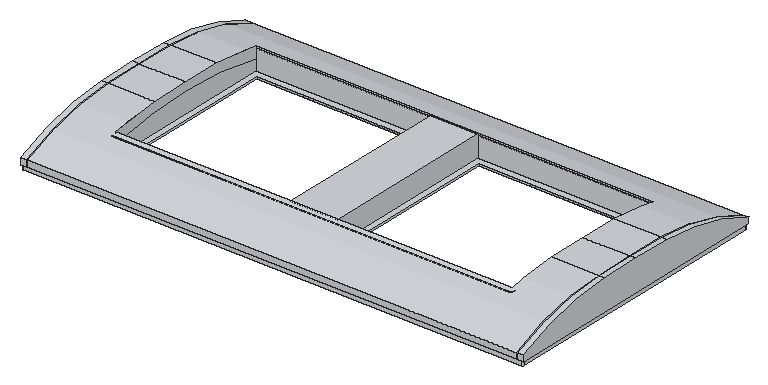
Revit family "Gira_0212806", category Electrical Fixtures, host Face, Revit 2017
Family settings
  Host = Face
  Maintain Annotation Orientation = No
  Round Connector Dimension = Use Diameter
  Part Type = Normal
  Cut with Voids When Loaded = No
  Shared = No
  Room Calculation Point = No
Parameters (values of type "Abdeckrahmen 2f Zwischenr. F Alu Gira Event Reinweiß")
  Werkstoffgüte = "Thermoplast"
  Werkstoff = "Kunststoff"
  URL = "http://katalog.gira.de/de_DE/datenblatt.html?artikelnr=0212806"
  Transparent = "No"
  Textfeld/Beschriftungsfläche = "No"
  Schutzart (IP) = "IP20"
  Region = "DE"
  Oberfläche = "sonstige"
  Name = "Abdeckrahmen 2f Zwischenr. F Alu Gira Event Reinweiß"
  Montagerichtung = "horizontal und vertikal"
  Mit Montagerahmen = "No"
  Mit Klappdeckel = "No"
  Manufacturer URL = "https://www.gira.de/"
  Keynote = "Event_Rahmen_2fach"
  HeinzeBIM = "https://bimportal.heinze.de/bim/abdeckrahmen-2f-zwischenr-f-alu-gira-event-reinweiss/bc99353ef4dc58ac6c9ba2d26a9632c59facbea3"
  Halogenfrei = "Yes"
  HAN = "0212806"
  Geeignet für Unterputz-Installation = "Yes"
  Geeignet für Unterflurkanaldose = "No"
  Geeignet für Geräteeinbaukanal = "No"
  Geeignet für Einbauinstallation = "No"
  GTIN = "4010337070078"
  Farbe = "weiß"
  Default Elevation = 1219.2 mm
  Data sheet (1) = "https://katalog.gira.de/de_DE/download.html?artikelnr=0212806"
  Category = "Abdeckrahmen"
  Befestigungsart = "Klemmbefestigung"
  Available = "Yes"
  Anzahl der Einheiten vertikal = "2 "
  Anzahl der Einheiten horizontal = "2 "
  Anzahl der Einheiten = "2 "
Reference planes
  plane 1 "Center (Front/Back)": y = 0
  plane 2: z = 0
  plane 3 "Center (Left/Right)": x = 0
Forms (mm)
  Extrusion 1, solid, detail levels fine
    sketch origin (0, 0, 0.05) x (0, 1, 0) y (0, 0, 1)
      loop
        arc (12.445, 9.683) -> (6.223, 9.833) -> (0, 9.85) r 291.636
        arc (0, 9.85) -> (-6.223, 9.833) -> (-12.445, 9.683) r 291.636
        arc (-12.445, 9.683) -> (-29.14, 7.482) -> (-45, 1.823) r 79.728
        line (-45, 1.823) -> (-45, -0.05) -> (-42.086, -0.05)
        arc (-42.086, -0.05) -> (-21.385, 5.559) -> (0, 7.206) r 114.424
        arc (0, 7.206) -> (21.385, 5.559) -> (42.086, -0.05) r 114.424
        line (42.086, -0.05) -> (45, -0.05) -> (45, 1.823)
        arc (45, 1.823) -> (29.14, 7.482) -> (12.445, 9.683) r 79.728
    from -78.55 to 78.55
  Extrusion 2, void, detail levels fine
    sketch origin (0, 0, 0) x (1, 0, 0) y (0, 1, 0)
      loop
        line (-63.55, -27.937) -> (63.55, -27.937) -> (63.55, 28.063) -> (-63.55, 28.063) -> (-63.55, -27.937)
    from 0.724 to 11
  Extrusion 3, solid, detail levels coarse
    sketch origin (0, 0, 0) x (1, 0, 0) y (0, 1, 0)
      loop
        line (-80.55, 45) -> (-80.55, -45) -> (80.55, -45) -> (80.55, 45) -> (-80.55, 45)
    from -1.5 to 9.9
  Extrusion 4, solid, detail levels medium
    sketch origin (0, 0, 0.05) x (0, 1, 0) y (0, 0, 1)
      loop
        arc (12.445, 9.683) -> (6.223, 9.833) -> (0, 9.85) r 291.636
        arc (0, 9.85) -> (-6.223, 9.833) -> (-12.445, 9.683) r 291.636
        arc (-12.445, 9.683) -> (-29.14, 7.482) -> (-45, 1.823) r 79.728
        line (-45, 1.823) -> (-45, -0.05) -> (45, -0.05) -> (45, 1.823)
        arc (45, 1.823) -> (29.14, 7.482) -> (12.445, 9.683) r 79.728
    from -80.55 to 80.55
  Extrusion 5, solid, detail levels fine
    sketch origin (-35.55, 0, -1.5) x (0, 1, 0) y (0, 0, -1)
      loop
        line (45, -3.373) -> (45, -1.5) -> (-45, -1.5) -> (-45, -3.373)
        arc (-45, -3.373) -> (-29.14, -9.032) -> (-12.445, -11.233) r 79.728
        arc (-12.445, -11.233) -> (-6.223, -11.383) -> (0, -11.4) r 291.636
        arc (0, -11.4) -> (6.223, -11.383) -> (12.445, -11.233) r 291.636
        arc (12.445, -11.233) -> (29.14, -9.032) -> (45, -3.373) r 79.728
    from 43 to 45
  Extrusion 6, solid, detail levels fine
    sketch origin (0, 0, 0) x (1, 0, 0) y (0, 1, 0)
      loop
        line (-61.45, 25.7) -> (-61.45, -25.7) -> (-9.65, -25.7) -> (-9.65, 25.7) -> (-61.45, 25.7)
      loop
        line (61.45, -25.7) -> (61.45, 25.7) -> (9.65, 25.7) -> (9.65, -25.7) -> (61.45, -25.7)
      loop
        line (-64.445, 28.49) -> (-64.445, -28.495)
        spline (-64.445, -28.495) -> (-64.436, -28.625) -> (-64.411, -28.754) -> (-64.369, -28.878) -> (-64.311, -28.995) -> (-64.238, -29.104) -> (-64.152, -29.202) -> (-64.054, -29.288) -> (-63.945, -29.361) -> (-63.828, -29.419) -> (-63.704, -29.461) -> (-63.575, -29.486) -> (-63.445, -29.495)
        line (-63.445, -29.495) -> (63.445, -29.495)
        spline (63.445, -29.495) -> (63.575, -29.486) -> (63.704, -29.461) -> (63.828, -29.419) -> (63.945, -29.361) -> (64.054, -29.288) -> (64.152, -29.202) -> (64.238, -29.104) -> (64.311, -28.995) -> (64.369, -28.878) -> (64.411, -28.754) -> (64.436, -28.625) -> (64.445, -28.495)
        line (64.445, -28.495) -> (64.445, 28.49)
        spline (64.445, 28.49) -> (64.436, 28.62) -> (64.411, 28.748) -> (64.369, 28.872) -> (64.311, 28.99) -> (64.238, 29.098) -> (64.152, 29.197) -> (64.054, 29.283) -> (63.945, 29.356) -> (63.828, 29.413) -> (63.704, 29.456) -> (63.575, 29.481) -> (63.445, 29.49)
        line (63.445, 29.49) -> (-63.445, 29.49)
        spline (-63.445, 29.49) -> (-63.575, 29.481) -> (-63.704, 29.456) -> (-63.828, 29.413) -> (-63.945, 29.356) -> (-64.054, 29.283) -> (-64.152, 29.197) -> (-64.238, 29.098) -> (-64.311, 28.99) -> (-64.369, 28.872) -> (-64.411, 28.748) -> (-64.436, 28.62) -> (-64.445, 28.49)
    from 0.1 to 7.3
  Extrusion 7, solid
    sketch origin (0, 0, 0) x (1, 0, 0) y (0, 1, 0)
      loop
        arc (-80.25, -44.2) -> (-80.104, -44.554) -> (-79.75, -44.7) r 0.5
        line (-79.75, -44.7) -> (79.75, -44.7)
        arc (79.75, -44.7) -> (80.104, -44.554) -> (80.25, -44.2) r 0.5
        line (80.25, -44.2) -> (80.25, 44.2)
        arc (80.25, 44.2) -> (80.104, 44.554) -> (79.75, 44.7) r 0.5
        line (79.75, 44.7) -> (-79.75, 44.7)
        arc (-79.75, 44.7) -> (-80.104, 44.554) -> (-80.25, 44.2) r 0.5
        line (-80.25, 44.2) -> (-80.25, -44.2)
      loop
        line (-78.55, 43) -> (-78.55, -43) -> (78.55, -43) -> (78.55, 43) -> (-78.55, 43)
    from -1.5 to 0.5
  Extrusion 8, solid, detail levels fine
    sketch origin (35.55, 0, -1.5) x (0, 1, 0) y (0, 0, 1)
      loop
        arc (45, 3.373) -> (29.14, 9.032) -> (12.445, 11.233) r 79.728
        arc (12.445, 11.233) -> (6.223, 11.383) -> (0, 11.4) r 291.636
        arc (0, 11.4) -> (-6.223, 11.383) -> (-12.445, 11.233) r 291.636
        arc (-12.445, 11.233) -> (-29.14, 9.032) -> (-45, 3.373) r 79.728
        line (-45, 3.373) -> (-45, 1.5) -> (45, 1.5) -> (45, 3.373)
    from 43 to 45
  Extrusion 9, solid, detail levels medium
    sketch origin (0, 0, 0) x (1, 0, 0) y (0, 1, 0)
      loop
        line (-80.25, -44.7) -> (80.25, -44.7) -> (80.25, 44.7) -> (-80.25, 44.7) -> (-80.25, -44.7)
    from -1.5 to 0.5
  Extrusion 10, solid, detail levels fine
    sketch origin (0, 0, 0) x (1, 0, 0) y (0, 1, 0)
      loop
        line (-7.55, 28.063) -> (-7.55, -27.937) -> (7.55, -27.937) -> (7.55, 28.063) -> (-7.55, 28.063)
    from 0.724 to 7.566
Cuts and joins
  Extrusion 2 cuts Extrusion 1
  Extrusion 2 cuts Extrusion 6
Dimensions and locks
  aligned and locked: plane 2 to host face
  aligned and locked: level to host face
